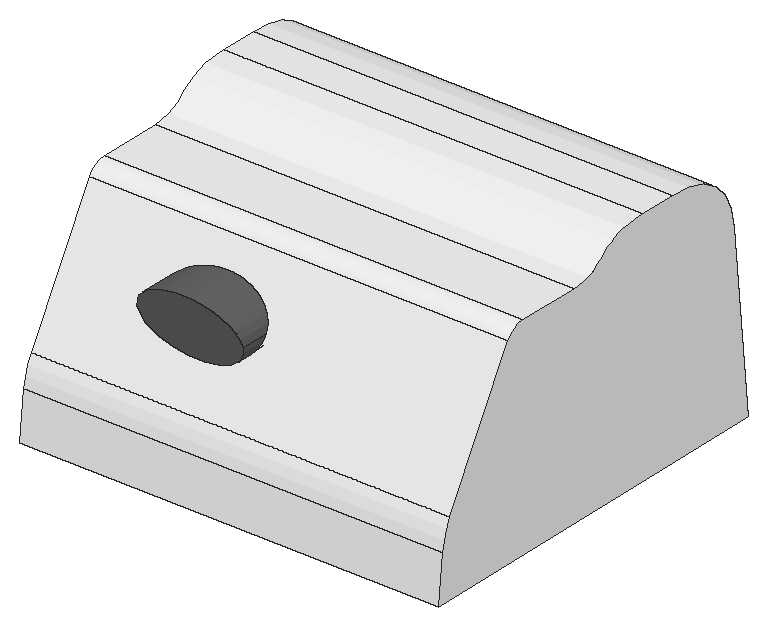
Revit family "Hand_Dryer-Automatic-American_Dryers-GXT_Series", category Specialty Equipment, host Face, Revit 2015
Parameters (values of type "(By Type)")
  Youtube clip = ""
  With Universal Adapter Plate = no
  With Splash Guard = no
  With Recessed Mount = no
  Weight Net (Kg) = "0"
  Watts = 0 W
  Voltage Range = "100 V to 240 V"
  Voltage = 0 V
  Void Offset = if(With Recessed Mount, 7", 1/8")  # 1/8"
  Uniformat II Description = ""
  Uniformat II Code = ""
  Uniclass 2015 Name = "Sanitary accessories"
  Uniclass 2015 Code = "Pr_40_20_76"
  Uniclass 2.0 Description = ""
  Uniclass 2.0 Code = ""
  Uniclass 1.4 Description = ""
  Uniclass 1.4 Code = ""
  URL = "http://www.americandryer.com"
  UNSPSC Code = ""
  Technical description = "https://www.americandryer.com/wp-content/uploads/2014/04/ExtremeAir-spec.pdf"
  Region South America = "None"
  Region Oceania = "None"
  Region North America = "AG, AI, AW, BB, BL, BM, BQ, BS, BZ, CA, CR, CU, CW, DM, DO, GD, GL, GP, GT, HN, HT, JM, KN, KY, LC, MF, MQ, MS, MX, NI, PA, PM, PR, SV, SX, TC, TT, US, VC, VG, VI"
  Region Middle East = "None"
  Region Europe = "None"
  Region Asia = "None"
  Region Antarctica = "None"
  Region Africa = "None"
  Recessed Offset = if(With Recessed Mount, 1 5/8", 0")  # 0"
  QR code = "http://bimobject.com/americandryer/product/american-dryers-gxt-series"
  Product url = "http://www.americandryer.com/hand-dryers/extremeair/"
  Product group = "Extreme Air®"
  Product family = "Hand and Hair Dryers"
  Product data url = "https://bimobject.com/americandryer/product/american-dryers-gxt-series"
  Product certification = "https://www.americandryer.com/hand-dryers/extremeair-gxt/"
  Product SKU = "american-dryers-gxt-series"
  Product Page URL = "http://americandryer.com/extremeair-gxt-series-specifications/"
  Product Guid = "da71f2de-f6f9-4033-a60f-27e6e1b15b0c"
  Product Documentation Link = "http://americandryer.com/wp-content/uploads/2011/08/ExtremeAir-Spec-Sheet-2011.pdf"
  Power Factor = 1
  OmniClass Description = "Hand Dryers"
  OmniClass Code = "23-31 25 15"
  Number of Poles = 1
  Nominal width = 0"
  Nominal height = 0"
  NBS Reference Description = ""
  NBS Reference Code = ""
  Model = ""
  Material secondary = ""
  Material main = "Steel"
  Masterformat 2014 Description = "Toilet Accessories"
  Masterformat 2014 Code = "10 28 13"
  Manufacturer name = "American Dryer, Inc."
  Manufacturer country = ""
  Manufacturer Phone = "800.485.7003"
  Manufacturer Fax = "734.421.5580"
  Manufacturer Email = "Sales@americandryer.com"
  Manufacturer Address = "33067 Industrial Road, Livonia, MI 48150"
  Manufacturer = "American Dryer"  # constant formula
  Installation instructions = "https://www.americandryer.com/wp-content/uploads/2013/11/8600-72x.pdf"
  IFC Classification = "Furnishing Element"
  Edition number = 1
  EAN code = ""
  Design country = "United States"
  Description = "Extreme Air®, high speed hand dryer series."  # constant formula
  Default Elevation = 0"
  Date of publishing = "5/5/2011"
  Case Material = Plastic-American Dryer-Flame Retardant White ABS
  COBIe Type Category = ""
  Brand url = "https://www.americandryer.com"
  Back Offset = (if(With Universal Adapter Plate, 3/64", (5/64" + 3/64")) + Recessed Offset)  # 1/8"
  BIMobject main category code = "sanitary"
  BIMobject main category = "Sanitary"
  BIMobject category code = "sanitary-hand-and-hair-dryers"
  BIMobject category = "Dryers (Hand & Hair)"
  Amperage Range = "12.5 A to 6.5 A"
  Amperage = 0 A
Reference planes (in)
  plane 1 "Center (Front/Back)": y = -53.4375
  plane 2 "Wall Face": z = 0
  plane 3 "Center (Left/Right)": x = 0
  plane 4 "Left": x = -6.375
  plane 5 "Right": x = 6.375
  plane 6 "Top": y = -42.96875
  plane 7 "Bottom": y = -54.84375
  plane 8 "Box Top": y = -43.96875
  plane 9 "Box bottom": y = -53.84375
  plane 10: x = -6.09375
  plane 11: x = 6.09375
  plane 12 "Back": z = 0
  plane 13: z = 0.125
  plane 14 "Hand Dryer Back": z = 0
  plane 15: y = -53.4375
Forms (in)
  Extrusion 1, solid, material "Metal-American Dryer-Steel With White Enamel Finish", visible <- "With Recessed Mount"
    sketch origin (0, 0, 0) x (1, 0, 0) y (0, 1, 0)
      loop
        line (-6.375, -42.96875) -> (-6.375, -54.84375) -> (6.375, -54.84375) -> (6.375, -42.96875) -> (-6.375, -42.96875)
    from 0 to 0.15625
  Extrusion 2, void
    sketch origin (0, 0, 0) x (1, 0, 0) y (0, 1, 0)
      loop
        line (-6.09375, -43.96875) -> (-6.09375, -53.84375) -> (6.09375, -53.84375) -> (6.09375, -43.96875) -> (-6.09375, -43.96875)
    from 0.125 to 0
Lines and regions (in)
  Masking region 1, visible <- "With Recessed Mount"
    outline origin (0, -53.4375, 0) x (1, 0, 0) y (0, 0, 1)
      loop
        line (-6.09375, -0.40467) -> (6.09375, -0.40467) -> (6.09375, 0) -> (6.375, 0) -> (6.375, 0.15625) -> (-6.375, 0.15625) -> (-6.375, 0) -> (-6.09375, 0) -> (-6.09375, -0.40467)
  Masking region 2, visible <- "With Universal Adapter Plate"
    outline origin (0, -53.4375, 0) x (1, 0, 0) y (0, 0, 1)
      loop
        line (-7.00001, 0.07808) -> (-7.00001, 0) -> (7, 0) -> (7, 0.07808) -> (-7.00001, 0.07808)
  Masking region 3, visible <- "With Recessed Mount"
    outline origin (0, 0, 0) x (0, 1, 0) y (-1, 0, 0)
      loop
        line (-42.96875, 6.375) -> (-54.84375, 6.375) -> (-54.84375, -6.375) -> (-42.96875, -6.375) -> (-42.96875, 6.375)
      loop
        line (-44.375, 4.90625) -> (-53.4375, 4.90625) -> (-53.4375, -4.90625) -> (-44.375, -4.90625) -> (-44.375, 4.90625)
Dimensions and locks (in)
  locked: plane 4 "Left" to plane 5 "Right" at 12.75
  locked: plane 10 to plane 11 at 12.1875
  locked: plane 6 "Top" to plane 7 "Bottom" at 11.875
  locked: plane 13 to plane 2 "Wall Face" at 0.125
  "Void Offset": plane 13 to plane 12 "Back"
  "Back Offset": plane 13 to plane 14 "Hand Dryer Back"
  plane 14 "Hand Dryer Back" to host face = 0"
  locked: plane 8 "Box Top" to plane 9 "Box bottom" at 9.875
  equal spacing: plane 10, plane 3 "Center (Left/Right)", plane 11
  equal spacing: plane 4 "Left", plane 3 "Center (Left/Right)", plane 5 "Right"
  locked: nested 1 to connector elem at 8.4375
  locked: plane 15 to connector elem at 1.875
  locked: plane 9 "Box bottom" to plane 15 at 0.40625
  locked: plane 7 "Bottom" to plane 15 at 1.40625
  "Default Elevation": plane 1 "Center (Front/Back)" to plane 15
  aligned and locked: plane 2 "Wall Face" to host face
  aligned and locked: level to host face
  aligned and locked: Extrusion 1 sketch curve to plane 6 "Top"
  aligned and locked: plane 4 "Left" to Extrusion 1 sketch curve
  aligned and locked: Extrusion 1 sketch curve to plane 7 "Bottom"
  aligned and locked: plane 5 "Right" to Extrusion 1 sketch curve
  aligned and locked: plane 12 "Back" to Extrusion 2
  aligned and locked: plane 13 to Extrusion 2
  aligned and locked: plane 14 "Hand Dryer Back" to nested 1
  aligned and locked: plane 3 "Center (Left/Right)" to nested 1
  aligned: plane 2 "Wall Face" to nested 2
  aligned and locked: nested 2 to plane 3 "Center (Left/Right)"
  aligned and locked: Masking region 3 sketch curve to Extrusion 1  (x3)
  aligned and locked: Masking region 3 sketch curve to nested 1  (x3)
  aligned and locked: nested 1 to plane 15
  aligned and locked: nested 2 to nested 1
Automatic sketch dimensions
  host sketch curve to host sketch curve = 26.50363"
  host sketch curve to host sketch curve = 21 9/16"
  Extrusion 2 sketch curve to plane 9 "Box bottom" = 0"
  Extrusion 2 sketch curve to plane 10 = 0"
  Extrusion 2 sketch curve to plane 11 = 0"
  Extrusion 2 sketch curve to plane 8 "Box Top" = 0"
  Masking region 1 sketch curve to plane 4 "Left" = 0"
  Masking region 1 sketch curve to plane 10 = 0"
  plane 5 "Right" to Masking region 1 sketch curve = 0"
  Masking region 1 sketch curve to plane 14 "Hand Dryer Back" = 0.40467"
  plane 13 to Masking region 1 sketch curve = 1/32"
  Masking region 1 sketch curve to level = 0"  (x2)
  plane 11 to Masking region 1 sketch curve = 0"
  Masking region 2 sketch curve to level = 0"
  Masking region 2 sketch curve to plane 4 "Left" = 5/8"
  Masking region 2 sketch curve to plane 5 "Right" = 5/8"
  Masking region 2 sketch curve to plane 13 = 0.04692"
  plane 11 to Masking region 3 sketch curve = 1 3/16"
  Masking region 3 sketch curve to plane 5 "Right" = 0"
Nested families (in)
  nested 1: "Dryer_GXT" at (0, -53.4375, 0) x (1, 0, 0) z (0, 1, 0), type "By Type"
  nested 2: "Universal Adapter Plate" at (0, -48.90625, 0) x (0, 1, 0) z (-1, 0, 0), type "By Type"
Connectors (in)
  electrical at (3.53125, -51.5625, 0), driven by "Voltage", driven by "Watts", driven by "Number of Poles", driven by "Power Factor"
    settings: index 1, voltage 0 V, apparent load 0 VA, apparent load phase1 0 VA, apparent load phase2 0 VA, apparent load phase3 0 VA, power factor 1, load classification "Other", number of poles 1, system type 31, power factor state 1, is connector primary yes, connector utility no, sub classification motor no, connector description "Power Supply (50-60Hz)"
Definition of nested family "Dryer_GXT"
  Parameters
    Default Elevation = 48"
    Case Material = none
    Assembly Code = ""
  Reference planes (in)
    plane 1 "Center (Front/Back)": y = 0
    plane 2 "Bottom": z = 0
    plane 3 "Center (Left/Right)": x = 0
    plane 4: z = 9.0625
    plane 5: x = 4.90625
    plane 6: x = -4.90625
    plane 7 "Front": y = -5.625
    plane 8 "Center": z = 4.53125
  Forms (in)
    Extrusion 1, solid, material <- "Case Material"
      sketch origin (0, 0, 0) x (0, 1, 0) y (0, 0, 1)
        loop
          line (0, 9.0625) -> (-4.16184, 8.63742)
          spline (-4.16184, 8.63742) -> (-4.39554, 8.6021) -> (-4.60892, 8.54594) -> (-4.80197, 8.46896) -> (-4.97471, 8.37115) -> (-5.12712, 8.25251) -> (-5.25921, 8.11304) -> (-5.37098, 7.95274) -> (-5.46243, 7.77161) -> (-5.53355, 7.56964) -> (-5.58436, 7.34685) -> (-5.61484, 7.10323) -> (-5.625, 6.83878)
          line (-5.625, 6.83878) -> (-5.625, 5.9724)
          spline (-5.625, 5.9724) -> (-5.61146, 5.68146) -> (-5.57401, 5.44262) -> (-5.51744, 5.24702) -> (-5.44653, 5.08583) -> (-5.36606, 4.95019) -> (-5.28081, 4.83127) -> (-5.19556, 4.7202) -> (-5.1151, 4.60816) -> (-5.04419, 4.48628) -> (-4.98762, 4.34574) -> (-4.95017, 4.17767) -> (-4.93663, 3.97323)
          line (-4.93663, 3.97323) -> (-4.93663, 2.46118)
          arc (-4.93663, 2.46118) -> (-4.86964, 2.21118) -> (-4.68663, 2.02817) r 0.5
          line (-4.68663, 2.02817) -> (-1.74784, 0.33146)
          arc (-1.74784, 0.33146) -> (-1.42324, 0.18693) -> (-1.07568, 0.11306) r 1.69965
          line (-1.07568, 0.11306) -> (0, 0) -> (0, 9.0625)
      from -4.90625 to 4.90625
    Extrusion 2, solid
      sketch origin (0, 0.5, 2.05349) x (0, 1, 0) y (-1, 0, 0)
        loop
          spline (-3.87249, 2.67269) -> (-4.06661, 2.6301) -> (-4.24749, 2.50522) -> (-4.40282, 2.30658) -> (-4.52201, 2.04769) -> (-4.59694, 1.74622) -> (-4.62249, 1.42269) -> (-4.59694, 1.09917) -> (-4.52201, 0.79769) -> (-4.40282, 0.53881) -> (-4.24749, 0.34016) -> (-4.06661, 0.21528) -> (-3.87249, 0.17269)
          spline (-3.87249, 0.17269) -> (-3.67838, 0.21528) -> (-3.49749, 0.34016) -> (-3.34216, 0.53881) -> (-3.22297, 0.79769) -> (-3.14805, 1.09917) -> (-3.12249, 1.42269) -> (-3.14805, 1.74622) -> (-3.22297, 2.04769) -> (-3.34216, 2.30658) -> (-3.49749, 2.50522) -> (-3.67838, 2.6301) -> (-3.87249, 2.67269)
      from 0 to -1.6773
    Extrusion 3, void
      sketch origin (0, 0, 0) x (0, 1, 0) y (0, 0, 1)
        loop
          line (-4.20116, 0.40335) -> (-4.20116, 0.28102) -> (-2.52101, 0.28102) -> (-2.52101, 0.85354) -> (-4.20116, 0.40335)
      from -3.4459 to 0
  Cuts and joins
    Extrusion 3 cuts Extrusion 2
  Lines and regions (in)
    Masking region 1
      outline origin (0, -5.625, 0) x (0, 0, 1) y (-1, 0, 0)
        loop
          line (9.0625, 4.90625) -> (0, 4.90625) -> (0, -4.90625) -> (9.0625, -4.90625) -> (9.0625, 4.90625)
    Masking region 2
      outline origin (0, 0, 0) x (1, 0, 0) y (0, 1, 0)
        loop
          line (-4.90625, 0) -> (-4.72667, -5.14245)
          arc (-4.72667, -5.14245) -> (-4.57431, -5.48467) -> (-4.22698, -5.625) r 0.5
          line (-4.22698, -5.625) -> (4.22698, -5.625)
          arc (4.22698, -5.625) -> (4.57431, -5.48467) -> (4.72667, -5.14245) r 0.5
          line (4.72667, -5.14245) -> (4.90625, 0) -> (-4.90625, 0)
    model lines, detail levels medium+fine
      curve 1: spline (-2.15625, -4.93663, 2.99974) -> (-2.13069, -4.93663, 3.08849) -> (-2.05577, -4.93663, 3.1712) -> (-1.93658, -4.93663, 3.24222) -> (-1.78125, -4.93663, 3.29671) -> (-1.60036, -4.93663, 3.33097) -> (-1.40625, -4.93663, 3.34266) -> (-1.21214, -4.93663, 3.33097) -> (-1.03125, -4.93663, 3.29671) -> (-0.87592, -4.93663, 3.24222) -> (-0.75673, -4.93663, 3.1712) -> (-0.68181, -4.93663, 3.08849) -> (-0.65625, -4.93663, 2.99974) -> (-0.68181, -4.93663, 2.91099) -> (-0.75673, -4.93663, 2.82828) -> (-0.87592, -4.93663, 2.75726) -> (-1.03125, -4.93663, 2.70277) -> (-1.21214, -4.93663, 2.66851) -> (-1.40625, -4.93663, 2.65682) -> (-1.60036, -4.93663, 2.66851) -> (-1.78125, -4.93663, 2.70277) -> (-1.93658, -4.93663, 2.75726) -> (-2.05577, -4.93663, 2.82828) -> (-2.13069, -4.93663, 2.91099) -> (-2.15625, -4.93663, 2.99974)
      curve 127: circle (4.90625, -0.58691, 4.53125) r 0.15766 normal (1, 0, 0)
      curve 129: circle (-4.90625, -0.58691, 4.53125) r 0.15766 normal (1, 0, 0)
    symbolic lines, detail levels fine
      curve 2: spline (-2.15625, -5.625, 2.99974) -> (-2.13069, -5.625, 3.08849) -> (-2.05577, -5.625, 3.1712) -> (-1.93658, -5.625, 3.24222) -> (-1.78125, -5.625, 3.29671) -> (-1.60036, -5.625, 3.33097) -> (-1.40625, -5.625, 3.34266) -> (-1.21214, -5.625, 3.33097) -> (-1.03125, -5.625, 3.29671) -> (-0.87592, -5.625, 3.24222) -> (-0.75673, -5.625, 3.1712) -> (-0.68181, -5.625, 3.08849) -> (-0.65625, -5.625, 2.99974) -> (-0.68181, -5.625, 2.91099) -> (-0.75673, -5.625, 2.82828) -> (-0.87592, -5.625, 2.75726) -> (-1.03125, -5.625, 2.70277) -> (-1.21214, -5.625, 2.66851) -> (-1.40625, -5.625, 2.65682) -> (-1.60036, -5.625, 2.66851) -> (-1.78125, -5.625, 2.70277) -> (-1.93658, -5.625, 2.75726) -> (-2.05577, -5.625, 2.82828) -> (-2.13069, -5.625, 2.91099) -> (-2.15625, -5.625, 2.99974)
      curve 11: line (-2.1865, -5.625, 6.53307) -> (-1.85712, -5.625, 6.53307)
      curve 12: line (-1.95791, -5.625, 6.24769) -> (-2.28728, -5.625, 6.24769)
      curve 13: line (-1.93348, -5.625, 6.31685) -> (-1.95791, -5.625, 6.24769)
      curve 14: line (-2.13056, -5.625, 6.31685) -> (-1.93348, -5.625, 6.31685)
      curve 15: line (-2.11435, -5.625, 6.36275) -> (-2.13056, -5.625, 6.31685)
      curve 16: line (-1.94057, -5.625, 6.36275) -> (-2.11435, -5.625, 6.36275)
      curve 17: line (-1.91797, -5.625, 6.42674) -> (-1.94057, -5.625, 6.36275)
      curve 18: line (-2.09175, -5.625, 6.42674) -> (-1.91797, -5.625, 6.42674)
      curve 19: line (-2.07828, -5.625, 6.46487) -> (-2.09175, -5.625, 6.42674)
      curve 20: line (-1.88121, -5.625, 6.46487) -> (-2.07828, -5.625, 6.46487)
      curve 21: line (-1.85712, -5.625, 6.53307) -> (-1.88121, -5.625, 6.46487)
      curve 22: line (-1.94454, -5.625, 6.66036) -> (-1.6687, -5.625, 6.66036)
      curve 23: line (-1.75589, -5.625, 6.39409) -> (-1.94454, -5.625, 6.66036)
      curve 24: line (-2.05007, -5.625, 6.16732) -> (-1.75589, -5.625, 6.39409)
      curve 25: line (-1.93569, -5.625, 6.16732) -> (-2.05007, -5.625, 6.16732)
      curve 26: line (-1.71549, -5.625, 6.33706) -> (-1.93569, -5.625, 6.16732)
      curve 27: line (-1.59523, -5.625, 6.16732) -> (-1.71549, -5.625, 6.33706)
      curve 28: line (-1.31939, -5.625, 6.16732) -> (-1.59523, -5.625, 6.16732)
      curve 29: line (-1.31939, -5.625, 6.16732) -> (-1.5176, -5.625, 6.44709)
      curve 30: line (-1.5176, -5.625, 6.44709) -> (-1.24093, -5.625, 6.66036)
      curve 31: line (-1.35687, -5.625, 6.66036) -> (-1.24093, -5.625, 6.66036)
      curve 32: line (-1.55855, -5.625, 6.5049) -> (-1.35687, -5.625, 6.66036)
      curve 33: line (-1.6687, -5.625, 6.66036) -> (-1.55855, -5.625, 6.5049)
      curve 34: line (-1.40665, -5.625, 6.53262) -> (-1.03257, -5.625, 6.53262)
      curve 35: line (-1.40665, -5.625, 6.53262) -> (-1.43285, -5.625, 6.45843)
      curve 36: line (-1.43285, -5.625, 6.45843) -> (-1.30637, -5.625, 6.45843)
      curve 37: line (-1.30637, -5.625, 6.45843) -> (-1.37931, -5.625, 6.25189)
      curve 38: line (-1.24712, -5.625, 6.24957) -> (-1.37766, -5.625, 6.24957)
      curve 39: line (-1.17336, -5.625, 6.45843) -> (-1.24712, -5.625, 6.24957)
      curve 40: line (-1.05877, -5.625, 6.45843) -> (-1.17336, -5.625, 6.45843)
      curve 41: line (-1.03257, -5.625, 6.53262) -> (-1.05877, -5.625, 6.45843)
      curve 42: line (-0.97641, -5.625, 6.53385) -> (-0.76775, -5.625, 6.53385)
      curve 43: line (-1.07747, -5.625, 6.24769) -> (-0.97641, -5.625, 6.53385)
      curve 44: line (-0.9413, -5.625, 6.24769) -> (-1.07747, -5.625, 6.24769)
      curve 45: line (-0.90486, -5.625, 6.35085) -> (-0.9413, -5.625, 6.24769)
      curve 46: line (-0.84401, -5.625, 6.35085) -> (-0.90486, -5.625, 6.35085)
      curve 47: arc (-0.80629, -5.625, 6.31546) -> (-0.81677, -5.625, 6.34209) -> (-0.84401, -5.625, 6.35085) r 0.03343
      curve 48: line (-0.82512, -5.625, 6.24769) -> (-0.80629, -5.625, 6.31546)
      curve 49: line (-0.69594, -5.625, 6.24769) -> (-0.82512, -5.625, 6.24769)
      curve 50: line (-0.67726, -5.625, 6.31495) -> (-0.69594, -5.625, 6.24769)
      curve 51: arc (-0.71874, -5.625, 6.37469) -> (-0.68132, -5.625, 6.35641) -> (-0.67726, -5.625, 6.31495) r 0.0427
      curve 52: line (-0.76775, -5.625, 6.53385) -> (-0.71874, -5.625, 6.37469)
      curve 53: line (-0.86485, -5.625, 6.46416) -> (-0.79866, -5.625, 6.46416)
      curve 54: line (-0.88321, -5.625, 6.41217) -> (-0.86485, -5.625, 6.46416)
      curve 55: line (-0.80572, -5.625, 6.41217) -> (-0.88321, -5.625, 6.41217)
      curve 56: line (-0.51873, -5.625, 6.53307) -> (-0.18935, -5.625, 6.53307)
      curve 57: line (-0.61951, -5.625, 6.24769) -> (-0.51873, -5.625, 6.53307)
      curve 58: line (-0.29014, -5.625, 6.24769) -> (-0.61951, -5.625, 6.24769)
      curve 59: line (-0.26571, -5.625, 6.31685) -> (-0.29014, -5.625, 6.24769)
      curve 60: line (-0.46279, -5.625, 6.31685) -> (-0.26571, -5.625, 6.31685)
      curve 61: line (-0.44658, -5.625, 6.36275) -> (-0.46279, -5.625, 6.31685)
      curve 62: line (-0.2728, -5.625, 6.36275) -> (-0.44658, -5.625, 6.36275)
      curve 63: line (-0.2502, -5.625, 6.42674) -> (-0.2728, -5.625, 6.36275)
      curve 64: line (-0.42398, -5.625, 6.42674) -> (-0.2502, -5.625, 6.42674)
      curve 65: line (-0.41051, -5.625, 6.46487) -> (-0.42398, -5.625, 6.42674)
      curve 66: line (-0.21344, -5.625, 6.46487) -> (-0.41051, -5.625, 6.46487)
      curve 67: line (-0.18935, -5.625, 6.53307) -> (-0.21344, -5.625, 6.46487)
      curve 68: line (-0.10501, -5.625, 6.53307) -> (0.05769, -5.625, 6.53307)
      curve 69: line (-0.20579, -5.625, 6.24769) -> (-0.10501, -5.625, 6.53307)
      curve 70: line (-0.08406, -5.625, 6.24769) -> (-0.20579, -5.625, 6.24769)
      curve 71: line (-0.02624, -5.625, 6.44601) -> (-0.08406, -5.625, 6.24769)
      curve 72: line (-0.01302, -5.625, 6.24769) -> (-0.02624, -5.625, 6.44601)
      curve 73: line (0.07989, -5.625, 6.24769) -> (-0.01302, -5.625, 6.24769)
      curve 74: line (0.2219, -5.625, 6.43434) -> (0.07989, -5.625, 6.24769)
      curve 75: line (0.14897, -5.625, 6.24769) -> (0.2219, -5.625, 6.43434)
      curve 76: line (0.27044, -5.625, 6.24769) -> (0.14897, -5.625, 6.24769)
      curve 77: line (0.37123, -5.625, 6.53307) -> (0.27044, -5.625, 6.24769)
      curve 78: line (0.20211, -5.625, 6.53307) -> (0.37123, -5.625, 6.53307)
      curve 79: line (0.0687, -5.625, 6.36214) -> (0.20211, -5.625, 6.53307)
      curve 80: line (0.05769, -5.625, 6.53307) -> (0.0687, -5.625, 6.36214)
      curve 81: line (0.46467, -5.625, 6.53307) -> (0.79404, -5.625, 6.53307)
      curve 82: line (0.36388, -5.625, 6.24769) -> (0.46467, -5.625, 6.53307)
      curve 83: line (0.69325, -5.625, 6.24769) -> (0.36388, -5.625, 6.24769)
      curve 84: line (0.71768, -5.625, 6.31685) -> (0.69325, -5.625, 6.24769)
      curve 85: line (0.5206, -5.625, 6.31685) -> (0.71768, -5.625, 6.31685)
      curve 86: line (0.53681, -5.625, 6.36275) -> (0.5206, -5.625, 6.31685)
      curve 87: line (0.71059, -5.625, 6.36275) -> (0.53681, -5.625, 6.36275)
      curve 88: line (0.73319, -5.625, 6.42674) -> (0.71059, -5.625, 6.36275)
      curve 89: line (0.55941, -5.625, 6.42674) -> (0.73319, -5.625, 6.42674)
      curve 90: line (0.57288, -5.625, 6.46487) -> (0.55941, -5.625, 6.42674)
      curve 91: line (0.76995, -5.625, 6.46487) -> (0.57288, -5.625, 6.46487)
      curve 92: line (0.79404, -5.625, 6.53307) -> (0.76995, -5.625, 6.46487)
      curve 93: line (1.30371, -5.625, 6.66881) -> (1.51794, -5.625, 6.66881)
      curve 94: line (0.93071, -5.625, 6.17244) -> (1.30371, -5.625, 6.66881)
      curve 95: line (1.02688, -5.625, 6.17244) -> (0.93071, -5.625, 6.17244)
      curve 96: line (1.10631, -5.625, 6.27982) -> (1.02688, -5.625, 6.17244)
      curve 97: line (1.3602, -5.625, 6.27982) -> (1.10631, -5.625, 6.27982)
      curve 98: line (1.38246, -5.625, 6.17244) -> (1.3602, -5.625, 6.27982)
      curve 99: line (1.62896, -5.625, 6.17244) -> (1.38246, -5.625, 6.17244)
      curve 100: line (1.51794, -5.625, 6.66881) -> (1.62896, -5.625, 6.17244)
      curve 101: line (1.14366, -5.625, 6.33033) -> (1.3046, -5.625, 6.54791)
      curve 102: line (1.34972, -5.625, 6.33033) -> (1.14366, -5.625, 6.33033)
      curve 103: line (1.3046, -5.625, 6.54791) -> (1.34972, -5.625, 6.33033)
      curve 104: line (1.72634, -5.625, 6.53307) -> (1.85934, -5.625, 6.53307)
      curve 105: line (1.62621, -5.625, 6.24957) -> (1.72634, -5.625, 6.53307)
      curve 106: line (1.75922, -5.625, 6.24957) -> (1.62621, -5.625, 6.24957)
      curve 107: line (1.85934, -5.625, 6.53307) -> (1.75922, -5.625, 6.24957)
      curve 108: line (1.95714, -5.625, 6.53385) -> (2.1658, -5.625, 6.53385)
      curve 109: line (1.85608, -5.625, 6.24769) -> (1.95714, -5.625, 6.53385)
      curve 110: line (1.99226, -5.625, 6.24769) -> (1.85608, -5.625, 6.24769)
      curve 111: line (2.02869, -5.625, 6.35085) -> (1.99226, -5.625, 6.24769)
      curve 112: line (2.08954, -5.625, 6.35085) -> (2.02869, -5.625, 6.35085)
      curve 113: arc (2.12726, -5.625, 6.31546) -> (2.11678, -5.625, 6.34209) -> (2.08954, -5.625, 6.35085) r 0.03343
      curve 114: line (2.10843, -5.625, 6.24769) -> (2.12726, -5.625, 6.31546)
      curve 115: line (2.23761, -5.625, 6.24769) -> (2.10843, -5.625, 6.24769)
      curve 116: line (2.2563, -5.625, 6.31495) -> (2.23761, -5.625, 6.24769)
      curve 117: arc (2.21481, -5.625, 6.37469) -> (2.25224, -5.625, 6.35641) -> (2.2563, -5.625, 6.31495) r 0.0427
      curve 118: line (2.1658, -5.625, 6.53385) -> (2.21481, -5.625, 6.37469)
      curve 119: line (2.05034, -5.625, 6.41217) -> (2.0687, -5.625, 6.46416)
      curve 120: line (2.12784, -5.625, 6.41217) -> (2.05034, -5.625, 6.41217)
      curve 121: line (2.0687, -5.625, 6.46416) -> (2.13489, -5.625, 6.46416)
      curve 122: line (2.12784, -5.625, 6.41217) -> (2.17331, -5.625, 6.44357)
      curve 123: line (2.13489, -5.625, 6.46416) -> (2.17331, -5.625, 6.44357)
      curve 124: line (-0.80572, -5.625, 6.41217) -> (-0.76024, -5.625, 6.44357)
      curve 125: line (-0.79866, -5.625, 6.46416) -> (-0.76024, -5.625, 6.44357)
      curve 126: line (-2.1865, -5.625, 6.53307) -> (-2.28728, -5.625, 6.24769)
      curve 132: circle (0, -0.58691, 4.53125) r 0.10981 normal (1, 0, 0)
      curve 133: line (0, 0, 9.0625) -> (0, 0, 0)
    symbolic lines, detail levels medium+fine
      curve 3: line (-2.67269, -5.625, 0.62539) -> (-0.17269, -5.625, 0.62539)
      curve 4: line (-2.67269, -5.625, 0.62539) -> (-2.67269, -5.625, 2.05349)
      curve 5: line (-0.17269, -5.625, 0.62539) -> (-0.17269, -5.625, 2.05349)
      curve 7: spline (2.37904, -5.625, 6.64708) -> (2.08479, -5.625, 6.69875) -> (1.73881, -5.625, 6.74309) -> (1.34957, -5.625, 6.77902) -> (0.92662, -5.625, 6.80566) -> (0.48032, -5.625, 6.82234) -> (0.02162, -5.625, 6.82867) -> (-0.43824, -5.625, 6.82449) -> (-0.88799, -5.625, 6.8099) -> (-1.31659, -5.625, 6.78526) -> (-1.71355, -5.625, 6.75117) -> (-2.06912, -5.625, 6.70847) -> (-2.3746, -5.625, 6.65821)
      curve 8: arc (-2.3746, -5.625, 6.65821) -> (-2.38933, -5.625, 6.4001) -> (-2.37611, -5.625, 6.1419) r 2.39095
      curve 9: spline (-2.37611, -5.625, 6.1419) -> (-2.07063, -5.625, 6.09156) -> (-1.71492, -5.625, 6.04878) -> (-1.31772, -5.625, 6.01464) -> (-0.88879, -5.625, 5.98995) -> (-0.43866, -5.625, 5.97533) -> (0.02162, -5.625, 5.97114) -> (0.48073, -5.625, 5.97748) -> (0.92741, -5.625, 5.9942) -> (1.35068, -5.625, 6.02088) -> (1.74015, -5.625, 6.05687) -> (2.08625, -5.625, 6.10128) -> (2.38048, -5.625, 6.15303)
      curve 10: arc (2.38048, -5.625, 6.15303) -> (2.39255, -5.625, 6.4001) -> (2.37904, -5.625, 6.64708) r 2.39095
      curve 131: circle (0, -0.58691, 4.53125) r 0.15766 normal (1, 0, 0)
    symbolic lines
      curve 6: line (-4.90625, -5.625, 2.05349) -> (4.90625, -5.625, 2.05349)
    model lines, detail levels fine
      curve 128: circle (4.90625, -0.58691, 4.53125) r 0.10981 normal (1, 0, 0)
      curve 130: circle (-4.90625, -0.58691, 4.53125) r 0.10981 normal (1, 0, 0)
  Dimensions and locks (in)
    equal spacing: plane 5, plane 3 "Center (Left/Right)", plane 6
    locked: plane 5 to plane 6 at 9.8125
    locked: plane 4 to level at 9.0625
    equal spacing: plane 4, plane 8 "Center", level
    aligned and locked: level to plane 2 "Bottom"
    aligned and locked: Extrusion 1 to plane 6
    aligned and locked: plane 5 to Extrusion 1
    aligned and locked: Masking region 2 sketch curve to Extrusion 1
    aligned and locked: plane 4 to Masking region 1 sketch curve
  Automatic sketch dimensions
    plane 7 "Front" to Extrusion 2 sketch curve = 2.25251"
    Extrusion 2 sketch curve to plane 3 "Center (Left/Right)" = 1.42269"
    Extrusion 2 sketch curve to Extrusion 2 sketch curve = 1 1/4"
    level to Extrusion 3 sketch curve = 0.40335"
    plane 7 "Front" to Extrusion 3 sketch curve = 1.42384"
    level to Extrusion 3 sketch curve = 0.28102"
    Extrusion 3 sketch curve to Extrusion 3 sketch curve = 1.68015"
    level to Extrusion 3 sketch curve = 0.85354"
    curve 1 to Extrusion 1 = 0.53856"
    Extrusion 1 to curve 1 = 3 1/2"
    curve 1 to curve 1 = 3/4"
    Masking region 1 sketch curve to level = 0"
    Masking region 1 sketch curve to plane 5 = 0"
    Masking region 1 sketch curve to plane 6 = 0"
    curve 6 to plane 5 = 0"
    curve 6 to plane 6 = 0"
    plane 3 "Center (Left/Right)" to curve 5 = 0.17269"
    curve 5 to level = 0.62539"
    curve 10 to curve 117 = 0.17901"
    curve 9 to curve 24 = 0.02542"
    curve 28 to curve 25 = 0"
    curve 96 to curve 117 = 0.15961"
    curve 98 to curve 95 = 0"
    curve 94 to curve 83 = 0.07525"
    curve 99 to curve 109 = 0.07525"
    curve 77 to plane 3 "Center (Left/Right)" = 0.27044"
    curve 77 to curve 82 = 0"
    curve 25 to curve 12 = 0.08037"
    curve 74 to plane 3 "Center (Left/Right)" = 0.07989"
    curve 74 to curve 75 = 0"
    plane 3 "Center (Left/Right)" to curve 71 = 0.08406"
    curve 71 to curve 72 = 0"
    plane 3 "Center (Left/Right)" to curve 59 = 0.29014"
    curve 59 to curve 69 = 0"
    plane 3 "Center (Left/Right)" to curve 50 = 0.69594"
    curve 50 to curve 57 = 0"
    curve 45 to curve 48 = 0"
    curve 114 to curve 110 = 0"
    curve 28 to curve 39 = 0.08225"
    curve 99 to curve 105 = 0.07713"
    curve 38 to curve 37 = 0.00233"
    curve 95 to curve 97 = 0.10738"
    curve 117 to curve 117 = 0.01709"
    plane 3 "Center (Left/Right)" to curve 50 = 0.67726"
    curve 49 to curve 50 = 0.06726"
    curve 114 to curve 113 = 0.06777"
    plane 3 "Center (Left/Right)" to curve 48 = 0.80629"
    curve 48 to curve 48 = 0.06777"
    curve 12 to curve 14 = 0.06916"
    curve 57 to curve 60 = 0.06916"
    curve 86 to plane 3 "Center (Left/Right)" = 0.5206"
    curve 113 to curve 113 = 0.00225"
    curve 48 to curve 47 = 0.00225"
    curve 97 to curve 102 = 0.0505"
    curve 50 to curve 51 = 0.01709"
    curve 27 to curve 26 = 0.16974"
    curve 113 to curve 112 = 0.03314"
    curve 47 to curve 47 = 0.03314"
    curve 79 to plane 3 "Center (Left/Right)" = 0.0687"
    curve 73 to curve 79 = 0.11445"
    curve 60 to curve 62 = 0.04589"
    curve 86 to plane 3 "Center (Left/Right)" = 0.53681"
    curve 14 to curve 15 = 0.04589"
    curve 117 to curve 117 = 0.04264"
    plane 3 "Center (Left/Right)" to curve 52 = 23/32"
    curve 51 to curve 52 = 0.04264"
    curve 26 to curve 24 = 0.05703"
    curve 9 to curve 7 = 0"  (x2)
    curve 113 to curve 122 = 0.06132"
    plane 3 "Center (Left/Right)" to curve 124 = 0.80572"
    curve 47 to curve 124 = 0.06132"
    curve 86 to curve 89 = 0.06399"
    curve 16 to curve 17 = 0.06399"
    curve 62 to curve 64 = 0.06399"
    curve 74 to plane 3 "Center (Left/Right)" = 0.2219"
    curve 79 to curve 74 = 0.0722"
    plane 3 "Center (Left/Right)" to curve 124 = 0.76024"
    curve 55 to curve 124 = 0.03141"
    curve 120 to curve 123 = 0.03141"
    plane 3 "Center (Left/Right)" to curve 71 = 0.02624"
    curve 26 to curve 30 = 0.11003"
    curve 29 to curve 36 = 0.01134"
    curve 39 to curve 36 = 0"
    plane 3 "Center (Left/Right)" to curve 54 = 0.86485"
    curve 54 to curve 54 = 0.05199"
    curve 122 to curve 123 = 0.02058"
    curve 88 to curve 91 = 0.03814"
    curve 17 to curve 21 = 0.03814"
    plane 3 "Center (Left/Right)" to curve 65 = 0.41051"
    curve 64 to curve 65 = 0.03814"
    curve 29 to curve 32 = 0.0578"
    curve 90 to curve 81 = 0.0682"
    curve 71 to curve 68 = 0.08705"
    curve 19 to curve 11 = 0.0682"
    curve 119 to curve 104 = 0.06891"
    curve 77 to plane 3 "Center (Left/Right)" = 0.37123"
    curve 77 to curve 81 = 0"
    plane 3 "Center (Left/Right)" to curve 67 = 0.18935"
    curve 66 to curve 67 = 0.0682"
    curve 104 to curve 109 = 0.00078"
    plane 3 "Center (Left/Right)" to curve 52 = 0.76775"
    curve 53 to curve 52 = 0.06969"
    curve 102 to curve 101 = 0.21758"
    curve 108 to curve 10 = 0.11324"
    curve 34 to curve 30 = 0.12775"
    curve 11 to curve 22 = 0.12729"
    curve 101 to curve 93 = 0.1209"
    curve 10 to curve 116 = 0.12419"
    curve 116 to curve 115 = 0.01869"
    curve 118 to curve 123 = 0.0415"
    curve 122 to curve 108 = 0.00751"
    curve 122 to curve 123 = 0.03842"
    curve 121 to curve 120 = 0.00705"
    curve 117 to curve 113 = 0.0899"
    curve 113 to curve 114 = 0.01883"
    curve 113 to curve 113 = 0.03335"
    curve 121 to curve 119 = 0.06618"
    curve 119 to curve 119 = 0.01836"
    curve 113 to curve 111 = 0.06085"
    curve 111 to curve 110 = 0.03643"
    curve 119 to curve 108 = 0.11156"
    curve 108 to curve 104 = 0.0978"
    curve 110 to curve 109 = 0.13618"
    curve 109 to curve 106 = 0.09686"
    curve 104 to curve 104 = 0.13301"
    curve 106 to curve 100 = 0.13026"
    curve 99 to curve 105 = 0.00275"
    curve 104 to curve 93 = 0.2084"
    curve 99 to curve 99 = 0.2465"
    curve 98 to curve 98 = 0.02227"
    curve 97 to curve 103 = 0.01047"
    curve 102 to curve 103 = 0.04512"
    curve 101 to curve 93 = 0.00089"
    curve 102 to curve 101 = 0.20606"
    curve 101 to curve 96 = 0.03736"
    curve 96 to curve 95 = 0.07943"
    curve 95 to curve 94 = 0.09617"
    curve 81 to curve 86 = 0.25723"
    curve 81 to curve 92 = 0.02408"
    curve 91 to curve 88 = 0.03676"
    curve 88 to curve 85 = 0.01552"
    curve 84 to curve 88 = 0.00708"
    curve 84 to curve 84 = 0.02443"
    curve 90 to curve 86 = 0.03607"
    curve 90 to curve 90 = 0.01347"
    curve 82 to curve 77 = 0.09343"
    curve 82 to curve 76 = 0.09343"
    curve 74 to curve 79 = 0.0198"
    curve 76 to curve 73 = 0.06908"
    curve 68 to plane 3 "Center (Left/Right)" = 0.05769"
    plane 3 "Center (Left/Right)" to curve 73 = 0.01302"
    plane 3 "Center (Left/Right)" to curve 7 = 0.02564"
    curve 68 to curve 56 = 0.08435"
    curve 69 to curve 58 = 0.08435"
    curve 56 to curve 67 = 0.02408"
    curve 66 to curve 63 = 0.03676"
    curve 60 to curve 58 = 0.02443"
    curve 59 to curve 63 = 0.00708"
    curve 65 to curve 65 = 0.01347"
    curve 64 to curve 61 = 0.0226"
    curve 61 to curve 60 = 0.01621"
    curve 65 to curve 57 = 0.10821"
    curve 57 to curve 49 = 0.07643"
    curve 124 to curve 53 = 0.03842"
    curve 47 to curve 49 = 0.01883"
    curve 48 to curve 47 = 0.03335"
    curve 53 to curve 54 = 0.01836"
    curve 47 to curve 45 = 0.06085"
    curve 45 to curve 44 = 0.03643"
    curve 53 to curve 42 = 0.11156"
    curve 42 to curve 34 = 0.05616"
    curve 34 to curve 40 = 0.0262"
    curve 44 to curve 44 = 0.13618"
    curve 40 to curve 40 = 0.11459"
    curve 39 to curve 30 = 0.06757"
    curve 43 to curve 38 = 0.16965"
    curve 39 to curve 37 = 0.13301"
    curve 38 to curve 28 = 0.07226"
    curve 30 to curve 31 = 0.11594"
    curve 28 to curve 38 = 0.05827"
    plane 3 "Center (Left/Right)" to curve 2 = 1 13/32"
    curve 36 to curve 34 = 0.10029"
    curve 34 to curve 35 = 0.0262"
    curve 29 to curve 33 = 0.04095"
    curve 37 to curve 27 = 0.21592"
    curve 32 to curve 33 = 0.11014"
    curve 27 to curve 26 = 0.12026"
    curve 26 to curve 24 = 0.0404"
    curve 23 to curve 11 = 0.10123"
    curve 11 to curve 21 = 0.02408"
    curve 20 to curve 18 = 0.03676"
    curve 17 to curve 13 = 0.01552"
    curve 13 to curve 26 = 0.00221"
    curve 13 to curve 17 = 0.00708"
    curve 11 to curve 23 = 0.08742"
    curve 13 to curve 12 = 0.02443"
    curve 25 to curve 25 = 0.11438"
    curve 17 to curve 20 = 0.16032"
    curve 19 to curve 19 = 0.01347"
    curve 18 to curve 15 = 0.0226"
    curve 15 to curve 15 = 0.01621"
    curve 2 to curve 2 = 3/4"
    curve 19 to curve 126 = 0.10821"
    curve 4 to plane 6 = 2.23356"
    curve 41 to curve 42 = 0.00123"
    curve 82 to curve 86 = 0.06916"
    curve 84 to curve 88 = 0.04589"
    plane 5 to curve 7 = 1.98917"
    Extrusion 1 sketch curve to plane 7 "Front" = 0"
    Extrusion 1 sketch curve to plane 1 "Center (Front/Back)" = 0"
    Extrusion 1 sketch curve to level = 0"
    Extrusion 1 sketch curve to plane 4 = 0"
    plane 7 "Front" to Extrusion 1 sketch curve = 0.68837"
    Extrusion 1 sketch curve to Extrusion 1 sketch curve = 1/4"  (x2)
    Extrusion 1 sketch curve to plane 4 = 0.42508"
    plane 7 "Front" to Extrusion 1 sketch curve = 1.46316"
    level to Extrusion 1 sketch curve = 0.33146"
    plane 1 "Center (Front/Back)" to Extrusion 1 sketch curve = 1.74784"
    level to Extrusion 1 sketch curve = 0.11306"
    Extrusion 1 sketch curve to Extrusion 1 sketch curve = 0.67216"
    plane 8 "Center" to Extrusion 1 sketch curve = 0.55802"
    Extrusion 1 sketch curve to plane 8 "Center" = 1.44115"
    Extrusion 1 sketch curve to Extrusion 1 sketch curve = 0.86638"
    plane 1 "Center (Front/Back)" to Extrusion 1 sketch curve = 0.89802"
    Extrusion 1 sketch curve to Extrusion 1 sketch curve = 1.94506"
    curve 3 to curve 4 = 1.4281"
    curve 2 to plane 8 "Center" = 1.53151"
    curve 117 to curve 117 = 0.03913"
    Masking region 2 sketch curve to plane 6 = 0"
    Masking region 2 sketch curve to plane 7 "Front" = 0"
    Masking region 2 sketch curve to plane 5 = 0"
    plane 6 to Masking region 2 sketch curve = 0.17958"
    Masking region 2 sketch curve to Masking region 2 sketch curve = 0.4997"
    Masking region 2 sketch curve to plane 5 = 0.67927"
    Masking region 2 sketch curve to plane 5 = 0.17958"
    plane 7 "Front" to Masking region 2 sketch curve = 0.48255"  (x2)
    curve 133 to level = 0"
    curve 133 to plane 1 "Center (Front/Back)" = 0"
    curve 133 to plane 4 = 0"
    curve 127 to curve 128 = 0"  (x2)
    curve 128 to Extrusion 1 = 0.58691"
    curve 128 to Extrusion 1 = 4.2176"
    curve 9 to curve 71 = 0.04611"
    plane 3 "Center (Left/Right)" to curve 9 = 0.02564"
    curve 12 to curve 9 = 0.08883"
    curve 8 to curve 10 = 0"  (x2)
    plane 8 "Center" to curve 9 = 1.61065"
    curve 8 to plane 3 "Center (Left/Right)" = 0.00161"
    curve 79 to curve 8 = 0.03096"
    curve 8 to curve 9 = 0.00681"
    curve 7 to curve 9 = 0.53659"
    radius of curve 127 = 0.15766"
    radius of curve 128 = 0.10981"
  Nested families (in)
    nested 1: "Logo" at (0, -5.625, 6.3984), type "By Type", detail levels fine
  Definition of nested family "Logo"
    Parameters
      Default Elevation = 48"
      Assembly Code = ""
    Reference planes (in)
      plane 1 "Center (Front/Back)": y = 0
      plane 2: z = 0
      plane 3 "Center (Left/Right)": x = 0
      plane 4: x = -2.38782
      plane 5: x = 2.38782
    Dimensions and locks (in)
      aligned and locked: plane 2 to level
      aligned and locked: plane 1 "Center (Front/Back)" to import instance
Definition of nested family "Universal Adapter Plate"
  Parameters
    With Universal Adapter Plate = yes
    With Splash Guard = no
    Default Elevation = 48"
    Assembly Code = ""
  Reference planes (in)
    plane 1 "Center (Front/Back)": y = 0
    plane 2 "Center": z = 0
    plane 3 "Center (Left/Right)": x = 0
    plane 4 "Case Bottom": z = -7
  Forms (in)
    Extrusion 1, solid, visible <- "With Universal Adapter Plate"
      sketch origin (0, 0, 0) x (1, 0, 0) y (0, 0, 1)
        loop
          line (8, -7) -> (8, 7) -> (-8, 7) -> (-8, -7) -> (8, -7)
      from 0 to 0.07813
    Extrusion 2, solid, visible <- "With Splash Guard"
      sketch origin (0, 0, 0) x (1, 0, 0) y (0, 0, 1)
        loop
          line (-8, 7) -> (-8, -7) -> (8, -7) -> (8, 7) -> (-8, 7)
      from 0 to 0.07812
  Lines and regions (in)
    Masking region 1, visible <- "With Universal Adapter Plate"
      outline origin (0, -0.07813, 0) x (1, 0, 0) y (0, 0, 1)
        loop
          line (-8, 7) -> (-8, -7) -> (8, -7) -> (8, 7) -> (-8, 7)
    Masking region 2
      outline origin (0, 0, 0) x (1, 0, 0) y (0, 1, 0)
        loop
          line (-8, 0) -> (-8, -0.07813) -> (8, -0.07813) -> (8, 0) -> (-8, 0)
    Masking region 3, visible <- "With Splash Guard"
      outline origin (0, 0, 0) x (1, 0, 0) y (0, 0, 1)
        loop
          line (-8, 7) -> (-8, -7) -> (8, -7) -> (8, 7) -> (-8, 7)
    model lines, visible <- "With Universal Adapter Plate", detail levels fine
      curve 1: circle (-7.60131, -0.07813, 6.60131) r 0.25 normal (0, -1, 0)
      curve 2: circle (7.60131, -0.07813, 6.60131) r 0.25 normal (0, 1, 0)
      curve 3: circle (-7.60131, -0.07813, -6.60131) r 0.25 normal (0, 1, 0)
      curve 4: circle (7.60131, -0.07813, -6.60131) r 0.25 normal (0, -1, 0)
    symbolic lines, visible <- "With Universal Adapter Plate", detail levels fine
      curve 5: circle (-7.60131, -0.07813, 6.60131) r 0.25 normal (0, -1, 0)
      curve 6: circle (7.60131, -0.07813, 6.60131) r 0.25 normal (0, 1, 0)
      curve 7: circle (-7.60131, -0.07813, -6.60131) r 0.25 normal (0, 1, 0)
      curve 8: circle (7.60131, -0.07813, -6.60131) r 0.25 normal (0, -1, 0)
  Dimensions and locks (in)
    equal spacing: Extrusion 1 sketch curve, plane 3 "Center (Left/Right)", Extrusion 1 sketch curve
    locked: Extrusion 1 sketch curve to Extrusion 1 sketch curve at 16
    equal spacing: Extrusion 1 sketch curve, level, Extrusion 1 sketch curve
    locked: Extrusion 1 sketch curve to Extrusion 1 sketch curve at 14
    aligned and locked: plane 2 "Center" to level
    aligned and locked: Masking region 1 sketch curve to Extrusion 1  (x4)
    aligned and locked: Masking region 1 to plane 4 "Case Bottom"
    aligned and locked: Masking region 2 sketch curve to plane 1 "Center (Front/Back)"
    aligned and locked: Masking region 2 sketch curve to Extrusion 1  (x3)
    aligned and locked: plane 4 "Case Bottom" to Extrusion 2 sketch curve
    aligned and locked: Extrusion 2 sketch curve to Extrusion 1  (x3)
    aligned and locked: Extrusion 2 to plane 1 "Center (Front/Back)"
    aligned and locked: Extrusion 2 to Extrusion 1
    aligned and locked: Masking region 3 sketch curve to Extrusion 2  (x4)
